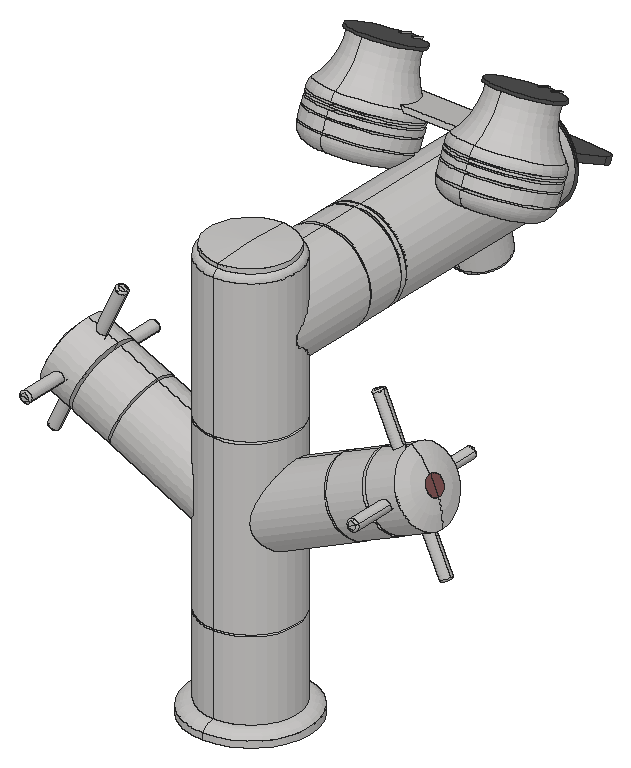
Revit family "SEF-1850", category Plumbing Fixtures, Revit 2023
Family settings
  Round Connector Dimension = Use Diameter
  Part Type = Normal
  OmniClass Number = 23.45.00.00
  OmniClass Title = Sanitary, Laundry, and Cleaning Equipment
  Work Plane-Based = No
  Enable Cutting in Views = No
  Always vertical = Yes
  Cut with Voids When Loaded = No
  Maintain Annotation Orientation = No
  Shared = No
  Room Calculation Point = No
Parameters
  Default Elevation = 0"
Reference planes (in)
  plane 1 "Center (Front/Back)": y = 0
  plane 2: z = 0
  plane 3 "Center (Left/Right)": x = 0
  plane 4: z = 0
  plane 5: z = 24
  plane 6: z = 32
  plane 7 "Center L/S": y = 5.5
  plane 8 "Center L/T": y = 4.875
  plane 9: z = 29.125
  plane 10: z = 32.875
  plane 11: z = 27.82657
  plane 12: through (-2.5183, -180, 25.49114) normal (-0.4226, 0, 0.9063)
  plane 13: z = 26.3056
  plane 14: through (1.00298, -180, 26.3056) normal (-0.4226, 0, 0.9063)
  plane 15 "Center L/W": x = 3.8125
  plane 16: y = -1.47649
  plane 17: y = 7.52351
  plane 18: z = 29.25
  plane 19: z = 31.71875
  plane 20: through (480, 4.89094, 32.80974) normal (0, 0.9063, -0.4226)
  plane 21 "Center L/Y": x = -3.8125
  plane 22 "Center L/Z": x = 2.25
  plane 23 "Center L/AA": x = -2.25
  plane 24: x = 1.30751
  plane 25: x = -1.30751
  plane 26: through (0.34983, -180, 27.60275) normal (-0.4226, 0, 0.9063)
  plane 27: through (-0.34983, -180, 27.60275) normal (-0.4226, 0, -0.9063)
  plane 28: through (480, 5.5, 29.25) normal (0, -0.9781, -0.2079)
  plane 29 "Center L/CC": x = 1.125
  plane 30 "Center L/DD": x = -1.125
  plane 31 "Center L/EE": y = -1.125
  plane 32 "Center L/FF": y = 1.125
  plane 33: z = 30.60937
  plane 34: z = 31.73437
  plane 35: z = 30.375
Forms (in)
  Revolve 1, solid, material "STAINLESS STEEL"
    sketch origin (0, 0, 0) x (0, 1, 0) y (0, 0, 1)
      loop
        arc (0.86869, 31.74985) -> (0.84439, 31.82721) -> (0.78022, 31.87679) r 0.1353
        line (0.78022, 31.87679) -> (0.78022, 31.95499)
        arc (0.78022, 31.95499) -> (0.39096, 31.99226) -> (0, 32) r 5.17004
        line (0, 32) -> (0, 24) -> (1.125, 24) -> (1.125, 24.125)
        arc (1.125, 24.125) -> (1.01308, 24.22078) -> (0.86869, 24.25) r 0.29302
        line (0.86869, 24.25) -> (0.86869, 25.75) -> (0.61869, 25.75) -> (0.61869, 25.7854) -> (0.86869, 25.7854) -> (0.86869, 29.02145) -> (0.61869, 29.02145) -> (0.61869, 29.06352) -> (0.86869, 29.06352) -> (0.86869, 31.74985)
      axis (0, 32) -> (0, 24)
    angle from 0 to 360
  Revolve 2, solid, material "STAINLESS STEEL"
    sketch origin (-9.71879, 0, 2.16425) x (-0.906308, 0, 0.422618) y (-0.422618, 0, -0.906308)
      loop
        line (2.25962, -27.01461) -> (5.67248, -27.01461)
        arc (5.67248, -27.01461) -> (5.66994, -26.92099) -> (5.66204, -26.82766) r 1.63391
        line (5.66204, -26.82766) -> (5.7195, -26.82766)
        arc (5.7195, -26.82766) -> (5.66941, -26.57149) -> (5.57916, -26.32657) r 1.63391
        line (5.57916, -26.32657) -> (4.97505, -26.32657) -> (4.97505, -26.72634) -> (4.91234, -26.72634) -> (4.91234, -26.32657) -> (4.14518, -26.32657) -> (4.14518, -26.72634) -> (4.10531, -26.72634) -> (4.10531, -26.32657) -> (2.25962, -26.32657) -> (2.25962, -27.01461)
      axis (5.7195, -27.01461) -> (2.25962, -27.01461)
    angle from 0 to 360
  Revolve 3, solid, material "STAINLESS STEEL"
    sketch origin (-11.07825, 0, 2.79817) x (-0.906308, 0, 0.422618) y (-0.422618, 0, -0.906308)
      loop
        line (3.79816, -27.43246) -> (3.79816, -28.61591) -> (3.87382, -28.61591)
        arc (3.87382, -28.61591) -> (3.8937, -28.60768) -> (3.90193, -28.5878) r 0.02811
        line (3.90193, -28.5878) -> (3.90193, -27.43246) -> (3.79816, -27.43246)
      axis (3.79816, -28.61591) -> (3.79816, -27.43246)
    angle from 0 to 360
  Revolve 4, solid, material "STAINLESS STEEL"
    sketch origin (11.80786, 0, 51.87759) x (-0.906308, 0, 0.422618) y (-0.422618, 0, -0.906308)
      loop
        line (3.79816, 27.43246) -> (3.90193, 27.43246) -> (3.90193, 28.5878)
        arc (3.90193, 28.5878) -> (3.8937, 28.60768) -> (3.87382, 28.61591) r 0.02811
        line (3.87382, 28.61591) -> (3.79816, 28.61591) -> (3.79816, 27.43246)
      axis (3.79816, 28.61591) -> (3.79816, 27.43246)
    angle from 0 to 360
  Revolve 5, solid, material "STAINLESS STEEL"
    sketch origin (0.45036, -27.14069, 27.25534) x (-0.906308, 0, 0.422618) y (0, -1, 0)
      loop
        line (3.79816, -27.43246) -> (3.79816, -28.61591) -> (3.87382, -28.61591)
        arc (3.87382, -28.61591) -> (3.8937, -28.60768) -> (3.90193, -28.5878) r 0.02811
        line (3.90193, -28.5878) -> (3.90193, -27.43246) -> (3.79816, -27.43246)
      axis (3.79816, -28.61591) -> (3.79816, -27.43246)
    angle from 0 to 360
  Revolve 6, solid, material "STAINLESS STEEL"
    sketch origin (0.33861, 27.14419, 27.28172) x (-0.906308, 0, 0.422618) y (0, -1, 0)
      loop
        line (3.79816, 27.43246) -> (3.90193, 27.43246) -> (3.90193, 28.5878)
        arc (3.90193, 28.5878) -> (3.8937, 28.60768) -> (3.87382, 28.61591) r 0.02811
        line (3.87382, 28.61591) -> (3.79816, 28.61591) -> (3.79816, 27.43246)
      axis (3.79816, 28.61591) -> (3.79816, 27.43246)
    angle from 0 to 360
  Revolve 7, solid, material "STAINLESS STEEL"
    sketch origin (0, 0, 0.25) x (0, 1, 0) y (0, 0, 1)
      loop
        line (-0.00394, 31.23438) -> (-0.00394, 30.35938) -> (6.88169, 30.35938)
        arc (6.88169, 30.35938) -> (6.84969, 30.81908) -> (6.64996, 31.23438) r 1.22393
        line (6.64996, 31.23438) -> (2.61409, 31.23438)
        arc (2.61409, 31.23438) -> (2.65175, 31.11171) -> (2.63596, 30.98438) r 0.30683
        line (2.63596, 30.98438) -> (2.60445, 30.98438)
        arc (2.60445, 30.98438) -> (2.62024, 31.11171) -> (2.58258, 31.23438) r 0.30683
        line (2.58258, 31.23438) -> (2.50054, 31.23438)
        arc (2.50054, 31.23438) -> (2.53821, 31.11171) -> (2.52242, 30.98438) r 0.30683
        line (2.52242, 30.98438) -> (2.49091, 30.98438)
        arc (2.49091, 30.98438) -> (2.5067, 31.11171) -> (2.46903, 31.23438) r 0.30683
        line (2.46903, 31.23438) -> (1.78464, 31.23438) -> (1.78464, 30.98438) -> (1.74091, 30.98438) -> (1.74091, 31.23438) -> (-0.00394, 31.23438)
      axis (-0.00394, 30.35938) -> (6.88169, 30.35938)
    angle from 0 to 360
  Revolve 8, solid, material "STAINLESS STEEL"
    sketch origin (0, -6.92604, 2.09938) x (0, 0.97437, -0.224951) y (0, 0.224951, 0.97437)
      loop
        line (6, 29.25) -> (6.2335, 29.35888)
        arc (6.2335, 29.35888) -> (6.26854, 29.39928) -> (6.2766, 29.45216) r 0.09623
        line (6.2766, 29.45216) -> (6.24857, 29.51226) -> (6.35799, 29.56329)
        arc (6.35799, 29.56329) -> (6.3788, 29.58887) -> (6.37829, 29.62185) r 0.04821
        line (6.37829, 29.62185) -> (5.98452, 30.4663) -> (5.53136, 30.255) -> (6, 29.25)
      axis (5.53136, 30.255) -> (6, 29.25)
    angle from 0 to 360
  Revolve 9, solid, material "BLACK PLASRIC"
    sketch origin (0, 0, -0.25) x (0, 1, 0) y (0, 0, 1)
      loop
        line (6.59532, 31.79278) -> (6.59532, 30.85937) -> (6.92862, 30.85937)
        arc (6.92862, 30.85937) -> (6.90056, 31.37557) -> (6.59532, 31.79278) r 0.90796
      axis (6.59532, 30.85937) -> (6.92862, 30.85937)
    angle from 0 to 360
  Extrusion 10, solid, material "BLACK PLASRIC"
    sketch origin (0, -10.01301, 4.16876) x (1, 0, 0) y (0, 0.939693, -0.34202)
      loop
        arc (-0.62449, 6.49199) -> (0, 6.65502) -> (0.62449, 6.49199) r 1.27756
        line (0.62449, 6.49199) -> (0.97994, 7.16049)
        arc (0.97994, 7.16049) -> (0.96353, 7.29648) -> (0.85996, 7.38614) r 0.19009
        arc (0.85996, 7.38614) -> (0, 7.52351) -> (-0.85996, 7.38614) r 2.76042
        arc (-0.85996, 7.38614) -> (-0.96353, 7.29648) -> (-0.97994, 7.16049) r 0.19009
        line (-0.97994, 7.16049) -> (-0.62449, 6.49199)
    from 30.60051 to 30.73296
  Revolve 11, solid, material "STAINLESS STEEL"
    sketch origin (1.31939, -13.63359, 4.78521) x (0, 0.906308, -0.422618) y (0, -0.422618, -0.906308)
      loop
        line (4.875, -31.43459) -> (4.875, -33.26007) -> (5.4685, -33.26007)
        arc (5.4685, -33.26007) -> (5.5238, -32.79598) -> (5.76425, -32.39519) r 1.11637
        arc (5.76425, -32.39519) -> (5.80495, -32.31546) -> (5.8125, -32.22626) r 0.23249
        line (5.8125, -32.22626) -> (5.60163, -32.22626) -> (5.60163, -32.18786) -> (5.8125, -32.18786) -> (5.8125, -32.14849) -> (5.60163, -32.14849) -> (5.60163, -32.11009) -> (5.8125, -32.11009) -> (5.8125, -32) -> (5.60163, -32) -> (5.60163, -31.9616) -> (5.8125, -31.9616) -> (5.8125, -31.75715) -> (5.60163, -31.75715) -> (5.60163, -31.71875) -> (5.81121, -31.71875)
        arc (5.81121, -31.71875) -> (5.71071, -31.51632) -> (5.5, -31.43459) r 0.3125
        line (5.5, -31.43459) -> (4.875, -31.43459)
      axis (4.875, -33.26007) -> (4.875, -31.43459)
    angle from 0 to 360
  Extrusion 12, solid, material "STAINLESS STEEL"
    sketch origin (2.33886, 32.77796, 14.09205) x (1, 0, 0) y (0, -0.906308, 0.422618)
      loop
        line (-1.15954, 32.73751) -> (-1.15954, 32.47671) -> (-1.12307, 32.47671) -> (-1.12307, 32.73751) -> (-1.15954, 32.73751)
    from -5.27389 to -4.6693
  Extrusion 13, solid, material "BLACK PLASRIC"
    sketch origin (0.30929, 32.44926, 14.24533) x (-1, 0, 0) y (0, 0.906308, -0.422618)
      loop
        arc (-1.1137, -32.22831) -> (-1.0101, -33.52993) -> (-0.9065, -32.22831) r 0.65493
        line (-0.9065, -32.22831) -> (-0.9065, -32.11403) -> (-1.1137, -32.11403) -> (-1.1137, -32.22831)
    from -5.26324 to -5.21084
  Revolve 14, solid, material "BLUE"
    sketch origin (0, 0, 0) x (1, 0, 0) y (0, 0, 1)
      loop
        line (-3.57454, 28.90018) -> (-3.54017, 28.88416) -> (-3.46117, 29.05359) -> (-3.49553, 29.06962) -> (-3.57454, 28.90018)
      axis (-3.49553, 29.06962) -> (-3.45985, 29.05298)
    angle from 0 to 360
  Revolve 15, solid, material "STAINLESS STEEL"
    sketch origin (9.71879, 0, 2.16425) x (0.906308, 0, 0.422618) y (-0.422618, 0, 0.906308)
      loop
        line (2.25962, 27.01461) -> (2.25962, 26.32657) -> (4.10531, 26.32657) -> (4.10531, 26.72634) -> (4.14518, 26.72634) -> (4.14518, 26.32657) -> (4.91234, 26.32657) -> (4.91234, 26.72634) -> (4.97505, 26.72634) -> (4.97505, 26.32657) -> (5.57916, 26.32657)
        arc (5.57916, 26.32657) -> (5.66941, 26.57149) -> (5.7195, 26.82766) r 1.63391
        line (5.7195, 26.82766) -> (5.66204, 26.82766)
        arc (5.66204, 26.82766) -> (5.66994, 26.92099) -> (5.67248, 27.01461) r 1.63391
        line (5.67248, 27.01461) -> (2.25962, 27.01461)
      axis (5.7195, 27.01461) -> (2.25962, 27.01461)
    angle from 0 to 360
  Revolve 16, solid, material "STAINLESS STEEL"
    sketch origin (11.07825, 0, 2.79817) x (0.906308, 0, 0.422618) y (-0.422618, 0, 0.906308)
      loop
        line (3.79816, 27.43246) -> (3.90193, 27.43246) -> (3.90193, 28.5878)
        arc (3.90193, 28.5878) -> (3.8937, 28.60768) -> (3.87382, 28.61591) r 0.02811
        line (3.87382, 28.61591) -> (3.79816, 28.61591) -> (3.79816, 27.43246)
      axis (3.79816, 28.61591) -> (3.79816, 27.43246)
    angle from 0 to 360
  Revolve 17, solid, material "STAINLESS STEEL"
    sketch origin (-11.80786, 0, 51.87759) x (0.906308, 0, 0.422618) y (-0.422618, 0, 0.906308)
      loop
        line (3.79816, -27.43246) -> (3.79816, -28.61591) -> (3.87382, -28.61591)
        arc (3.87382, -28.61591) -> (3.8937, -28.60768) -> (3.90193, -28.5878) r 0.02811
        line (3.90193, -28.5878) -> (3.90193, -27.43246) -> (3.79816, -27.43246)
      axis (3.79816, -28.61591) -> (3.79816, -27.43246)
    angle from 0 to 360
  Revolve 18, solid, material "STAINLESS STEEL"
    sketch origin (-0.42659, -27.14663, 27.21497) x (0.906308, 0, 0.422618) y (0, 1, 0)
      loop
        line (3.79816, 27.43246) -> (3.90193, 27.43246) -> (3.90193, 28.5878)
        arc (3.90193, 28.5878) -> (3.8937, 28.60768) -> (3.87382, 28.61591) r 0.02811
        line (3.87382, 28.61591) -> (3.79816, 28.61591) -> (3.79816, 27.43246)
      axis (3.79816, 28.61591) -> (3.79816, 27.43246)
    angle from 0 to 360
  Revolve 19, solid, material "STAINLESS STEEL"
    sketch origin (-0.33861, 27.14419, 27.28172) x (0.906308, 0, 0.422618) y (0, 1, 0)
      loop
        line (3.79816, -27.43246) -> (3.79816, -28.61591) -> (3.87382, -28.61591)
        arc (3.87382, -28.61591) -> (3.8937, -28.60768) -> (3.90193, -28.5878) r 0.02811
        line (3.90193, -28.5878) -> (3.90193, -27.43246) -> (3.79816, -27.43246)
      axis (3.79816, -28.61591) -> (3.79816, -27.43246)
    angle from 0 to 360
  Revolve 20, solid, material "RED"
    sketch origin (0, 0, 0) x (-1, 0, 0) y (0, 0, -1)
      loop
        line (-3.57454, -28.90018) -> (-3.49553, -29.06962) -> (-3.46117, -29.05359) -> (-3.54017, -28.88416) -> (-3.57454, -28.90018)
      axis (-3.49553, -29.06962) -> (-3.45985, -29.05298)
    angle from 0 to 360
  Extrusion 21, solid, material "STAINLESS STEEL"
    sketch origin (0.29992, 32.77796, 14.09205) x (-1, 0, 0) y (0, 0.906308, -0.422618)
      loop
        line (-1.15954, -32.73751) -> (-1.12307, -32.73751) -> (-1.12307, -32.47671) -> (-1.15954, -32.47671) -> (-1.15954, -32.73751)
    from -5.27389 to -4.6693
  Revolve 22, solid, material "STAINLESS STEEL"
    sketch origin (-1.31939, -13.63359, 4.78521) x (0, 0.906308, -0.422618) y (0, 0.422618, 0.906308)
      loop
        line (4.875, 31.43459) -> (5.5, 31.43459)
        arc (5.5, 31.43459) -> (5.71071, 31.51632) -> (5.81121, 31.71875) r 0.3125
        line (5.81121, 31.71875) -> (5.60163, 31.71875) -> (5.60163, 31.75715) -> (5.8125, 31.75715) -> (5.8125, 31.9616) -> (5.60163, 31.9616) -> (5.60163, 32) -> (5.8125, 32) -> (5.8125, 32.11009) -> (5.60163, 32.11009) -> (5.60163, 32.14849) -> (5.8125, 32.14849) -> (5.8125, 32.18786) -> (5.60163, 32.18786) -> (5.60163, 32.22626) -> (5.8125, 32.22626)
        arc (5.8125, 32.22626) -> (5.80495, 32.31546) -> (5.76425, 32.39519) r 0.23249
        arc (5.76425, 32.39519) -> (5.52247, 32.79988) -> (5.46929, 33.26828) r 1.11637
        line (5.46929, 33.26828) -> (4.875, 33.26828) -> (4.875, 31.43459)
      axis (4.875, 33.26828) -> (4.875, 31.43459)
    angle from 0 to 360
  Extrusion 23, solid, material "STAINLESS STEEL"
    sketch origin (-2.33886, 32.77796, 14.09205) x (-1, 0, 0) y (0, 0.906308, -0.422618)
      loop
        line (-1.15954, -32.73751) -> (-1.12307, -32.73751) -> (-1.12307, -32.47671) -> (-1.15954, -32.47671) -> (-1.15954, -32.73751)
    from -5.27389 to -4.6693
  Extrusion 24, solid, material "BLACK PLASRIC"
    sketch origin (-0.30929, 32.44926, 14.24533) x (1, 0, 0) y (0, -0.906308, 0.422618)
      loop
        line (-1.1137, 32.22831) -> (-1.1137, 32.11403) -> (-0.9065, 32.11403) -> (-0.9065, 32.22831)
        arc (-0.9065, 32.22831) -> (-1.0101, 33.52993) -> (-1.1137, 32.22831) r 0.65493
    from -5.26324 to -5.21084
  Extrusion 25, solid, material "STAINLESS STEEL"
    sketch origin (-0.29992, 32.77796, 14.09205) x (1, 0, 0) y (0, -0.906308, 0.422618)
      loop
        line (-1.15954, 32.73751) -> (-1.15954, 32.47671) -> (-1.12307, 32.47671) -> (-1.12307, 32.73751) -> (-1.15954, 32.73751)
    from -5.27389 to -4.6693
  Extrusion 26, solid, material "STAINLESS STEEL"
    sketch origin (0, -8.65359, 2.52701) x (1, 0, 0) y (0, 0.961262, -0.275637)
      loop
        line (-0.86487, 5.1129) -> (-1.17092, 4.17098) -> (1.17092, 4.17098) -> (0.86487, 5.1129) -> (-0.86487, 5.1129)
    from 32.04913 to 32.14214
Lines and regions (in)
  symbolic lines
    curve 1: line (0, 4.875, 38.625) -> (0, -5.375, 38.625)
Text (in)
  text "6\" MIN FROM WALL\nOR OBSTRUCTION" at (0, -8.58484, 38.97798), in view "Right"
Dimensions and locks (in)
  plane 1 "Center (Front/Back)" to plane 7 "Center L/S" = 5 1/2"
  plane 1 "Center (Front/Back)" to plane 8 "Center L/T" = 4 7/8"
  plane 5 to plane 6 = 8"
  plane 6 to level = 32"
  plane 9 to plane 5 = 5 1/8"
  plane 16 to plane 17 = 9"
  plane 5 to plane 18 = 5 1/4"
  plane 15 "Center L/W" to plane 21 "Center L/Y" = 7 5/8"
  plane 23 "Center L/AA" to plane 22 "Center L/Z" = 4 1/2"
  plane 25 to plane 24 = 2.61501"
  plane 5 to plane 10 = 8 7/8"
  plane 30 "Center L/DD" to plane 29 "Center L/CC" = 2 1/4"
  plane 31 "Center L/EE" to plane 32 "Center L/FF" = 2 1/4"
  plane 35 to plane 5 = 6 3/8"
  angle plane 26 to plane 27 = 130.00°
  angle plane 7 "Center L/S" to plane 28 = 12.00°
  angle plane 33 to plane 20 = 65.00°
  aligned and locked: level to plane 2
